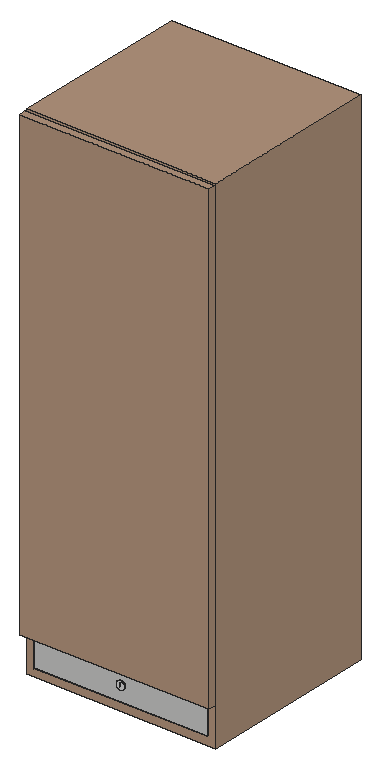
Revit family "Storage-Mounted-Teknion-BRLL_Full_Solid_Door_Tower_Low_Secondary_Desk-R2018", category Furniture, Revit 2018
Family settings
  OmniClass Number = 23.40.70.14.64.21
  OmniClass Title = Systems Furniture
  Work Plane-Based = No
  Always vertical = Yes
  Cut with Voids When Loaded = No
  Shared = Yes
  Room Calculation Point = No
Parameters (values of type "File Drawer and Shelves, 18"d x 18"w, 66"h")
  Width = 17.910"
  Warranty = "http://www.teknion.com/legal/warranty.pdf"
  Unit Weight URL = "http://www.teknion.com/pricing/expansion-casegoods/pdfs/wv.pdf"
  URL = "http://www.teknion.com/"
  Sustainability Data = "http://www.teknion.com/about-teknion/environment/datasheets.asp"
  Series = "Expansion Casegoods"  # constant formula
  Product Page URL = "http://www.teknion.com/products/casegoods_expansion/"
  Product Line = "Expansion Casegoods"  # constant formula
  Product Documentation Link = "http://www.teknion.com/pricing/expansion-casegoods/pdfs/BRLL_ppg.pdf"
  Part Number = "BRLL"  # constant formula
  Model = "BRLLF181866_"
  Manufacturer Phone = "416-661-3370"
  Manufacturer Fax = "416.661.4586"
  Manufacturer Contact Information = "http://www.teknion.com/contact/contactus.asp"
  Manufacturer Address = "1150 Flint Road, Toronto, ON. M3J 2J5. Canada"
  Manufacturer = "Teknion"  # constant formula
  Height = 65.340"
  Has Wardrobe = no
  Has Shelves = not(or(Has File Drawer and Shelves, Has Wardrobe))  # no
  Has Multi-Functional Drawer [instance] = yes
  Has File Drawer and Shelves = yes
  Door Front Finish [instance] = Source Laminate - Teknion - 3M - Provincial Oak
  Description = "Tower with Full Solid Door - Low Secondary Desk Mounted, File Drawer and Shelves, 18\" Depth, 18\" Width, 66\" Height"
  Depth = 17.910"
  Case Finish [instance] = Source Laminate - Teknion - 3M - Provincial Oak
  Assembly Code = "E2020200"
Types (6): name | Model | Height | Has Wardrobe | Has Shelves | Has File Drawer and Shelves | Description
  File Drawer and Shelves, 18"d x 18"w, 72"h | "BRLLF181872" | 71.582" | no | no | yes | "Tower with Full Solid Door - Low Secondary Desk Mounted, File Drawer and Shelves, 18\" Depth, 18\" Width, 72\" Height"
  File Drawer and Shelves, 18"d x 18"w, 66"h | "BRLLF181866_" | 65.340" | no | no | yes | "Tower with Full Solid Door - Low Secondary Desk Mounted, File Drawer and Shelves, 18\" Depth, 18\" Width, 66\" Height"
  Shelves, 18"d x 18"w, 72"h | "BRLLS181872" | 71.582" | no | yes | no | "Tower with Full Solid Door - Low Secondary Desk Mounted, Shelves, 18\" Depth, 18\" Width, 72\" Height"
  Shelves, 18"d x 18"w, 66"h | "BRLLS181866_" | 65.340" | no | yes | no | "Tower with Full Solid Door - Low Secondary Desk Mounted, Shelves, 18\" Depth, 18\" Width, 66\" Height"
  Wardrobe, 18"d x 18"w, 72"h | "BRLLW181872" | 71.582" | yes | no | no | "Tower with Full Solid Door - Low Secondary Desk Mounted, Wardrobe, 18\" Depth, 18\" Width, 72\" Height"
  Wardrobe, 18"d x 18"w, 66"h | "BRLLW181866_" | 65.340" | yes | no | no | "Tower with Full Solid Door - Low Secondary Desk Mounted, Wardrobe, 18\" Depth, 18\" Width, 66\" Height"
Reference planes (in)
  plane 1 "Center F/B": y = 0
  plane 2: z = 0
  plane 3 "Center L/R": x = 0
  plane 4 "Left": x = -8.955
  plane 5 "Right": x = 8.955
  plane 6 "Back": y = 8.955
  plane 7 "Front": y = -8.955
  plane 8 "Top": z = 65.34
  plane 9: y = -8.955
  plane 10 "Bottom of Pedestal": z = 17.42526
  plane 11: z = 41.38263
Forms (in)
  Sweep 1, solid, material "Source Laminate - Teknion - 3M - Provincial Oak" <- "Door Front Finish"
    path origin (0, -17.21, 0) x (0, -1, 0) y (-1, 0, 0)
      loop
        line (-8.865, 0) -> (-8.255, 0)
    profile origin (0, -8.65, 0) x (1, 0, 0) y (0, 0, 1)
      loop
        line (-8.955, 65.22189) -> (-8.955, 21.09849) -> (8.955, 21.09849) -> (8.955, 65.22189) -> (-8.955, 65.22189)
  Sweep 2, solid, material "Source Laminate - Teknion - 3M - Provincial Oak" <- "Case Finish"
    path origin (0, 0, 0) x (1, 0, 0) y (0, 0, 1)
      loop
        line (0, 17.42526) -> (0, 65.34)
    profile origin (0, 0, 41.38263) x (-1, 0, 0) y (0, -1, 0)
      loop
        line (8.955, -8.955) -> (8.955, 8.20642) -> (-8.955, 8.20642) -> (-8.955, -8.955) -> (8.955, -8.955)
  Sweep 3, void
    path origin (0, 0, 0) x (1, 0, 0) y (0, 1, 0)
      loop
        line (0, -8.955) -> (0, 8.955)
    profile origin (0, 0, 0) x (-1, 0, 0) y (0, 0, 1)
      loop
        line (8.25421, 18.12605) -> (8.25421, 21.05518) -> (-8.25421, 21.05518) -> (-8.25421, 18.12605) -> (8.25421, 18.12605)
Cuts and joins
  Sweep 3 cuts Sweep 2
Lines and regions (in)
  Masking region 1
    outline origin (0, 0, 65.34) x (-1, 0, 0) y (0, -1, 0)
      loop
        line (8.955, -8.955) -> (8.955, 8.955) -> (-8.955, 8.955) -> (-8.955, -8.955) -> (8.955, -8.955)
  symbolic lines
    curve 1: line (-8.955, -8.345, 0) -> (8.955, -8.345, 0)
  symbolic lines, style "Hidden Lines"
    curve 2: line (8.955, -8.955, 41.38263) -> (-8.955, -8.955, 65.22189)
    curve 3: line (8.955, -8.955, 41.38263) -> (-8.955, -8.955, 21.09849)
  symbolic lines, style "FurnitureHiddenLines", detail levels medium+fine
    curve 4: line (-8.25421, 8.19854, 0) -> (-8.25421, -8.345, 0)
    curve 5: line (8.25421, 8.19854, 0) -> (-8.25421, 8.19854, 0)
    curve 6: line (8.25421, -8.345, 0) -> (8.25421, 8.19854, 0)
Dimensions and locks (in)
  equal spacing: plane 4 "Left", plane 3 "Center L/R", plane 5 "Right"
  "Width": plane 4 "Left" to plane 5 "Right"
  equal spacing: plane 6 "Back", plane 1 "Center F/B", plane 7 "Front"
  "Depth": plane 6 "Back" to plane 7 "Front"
  plane 9 to plane 7 "Front" = 0.000"
  locked: plane 10 "Bottom of Pedestal" to level at 17.42526
  locked: plane 8 "Top" to Sweep 1 sketch curve at 0.11811
  Sweep 3 sketch curve to Sweep 3 sketch curve to plane 10 "Bottom of Pedestal" = 2.92913" locked, 0.70079" locked
  "Height": plane 8 "Top" to plane 2
  locked: Sweep 1 sketch curve to plane 10 "Bottom of Pedestal" at 3.67323
  equal spacing: plane 8 "Top", plane 11, plane 10 "Bottom of Pedestal"
  locked: plane 4 "Left" to curve 4 at 0.70079
  locked: curve 6 to plane 5 "Right" at 0.70079
  locked: plane 6 "Back" to curve 5 at 0.75646
  aligned and locked: level to plane 2
  aligned and locked: Masking region 1 sketch curve to plane 5 "Right"
  aligned and locked: plane 4 "Left" to Masking region 1 sketch curve
  aligned and locked: Masking region 1 sketch curve to plane 6 "Back"
  aligned and locked: Masking region 1 sketch curve to plane 7 "Front"
  aligned and locked: plane 8 "Top" to Sweep 2 sketch curve
  aligned and locked: plane 3 "Center L/R" to Sweep 2 sketch curve
  aligned and locked: Sweep 2 sketch curve to plane 6 "Back"
  aligned and locked: plane 4 "Left" to Sweep 2 sketch curve
  aligned and locked: Sweep 2 sketch curve to plane 5 "Right"
  aligned and locked: plane 10 "Bottom of Pedestal" to Sweep 2 sketch curve
  aligned and locked: plane 7 "Front" to Sweep 3 sketch curve
  aligned and locked: plane 3 "Center L/R" to Sweep 3 sketch curve
  aligned and locked: plane 6 "Back" to Sweep 3 sketch curve
  aligned and locked: curve 1 to Sweep 1
  aligned and locked: plane 4 "Left" to curve 1
  aligned and locked: plane 5 "Right" to curve 1
  aligned and locked: plane 7 "Front" to nested 2
  aligned and locked: nested 2 to plane 5 "Right"  (x2)
  aligned and locked: curve 2 to Sweep 1
  aligned and locked: Sweep 1 to curve 2
  aligned and locked: Sweep 1 to curve 3
  aligned and locked: curve 3 to Sweep 1
  aligned and locked: plane 11 to curve 3
  aligned and locked: plane 5 "Right" to curve 3
  aligned and locked: plane 3 "Center L/R" to nested 1
  aligned and locked: nested 2 to plane 4 "Left"
  aligned and locked: cut or joined group of Sweep 2, Sweep 3 to nested 1  (x2)
Automatic sketch dimensions
  profile plane to Sweep 1 sketch curve = 8.955"
  Sweep 1 sketch curve to profile plane = 8.955"
  Sweep 1 sketch curve to plane 3 "Center L/R" = 0.000"
  plane 7 "Front" to Sweep 1 sketch curve = 0.610"
  Sweep 1 sketch curve to plane 7 "Front" = 0.000"
  plane 1 "Center F/B" to Sweep 2 sketch curve = 8.20642"
  profile plane to Sweep 3 sketch curve = 8.25421"
  Sweep 3 sketch curve to profile plane = 8.25421"
Nested families (in)
  nested 1: "Desk_Accessories-Teknion-BADMF_Multi_Functional_Drawer-R2018" at (0, 0.61445, -6.56691), visible <- "Has Multi-Functional Drawer", type "17"d x 17"w x 03"h"
  nested 2: "Door-Swing_Symbol-Teknion-2D" at (0, -8.955, 0), type "Door-Swing_Symbol-Teknion-2D"
    with Swing Width 17.910", Door Thickness 0.625"
Definition of nested family "Desk_Accessories-Teknion-BADMF_Multi_Functional_Drawer-R2018"
  Parameters (values of type "17"d x 17"w x 03"h")
    Warranty = "http://www.teknion.com/ca/papers/legal-canada"
    Unit Weight URL = "http://www.teknion.com/ca/tools/assets#&asset=bee6a381-b954-425e-8283-5a2de3a804f2,f828d448-4b62-4231-9e5f-9a8991c0ed77"
    URL = "www.teknion.com"
    Sustainability Data = "http://www.teknion.com/ca/tools/assets#&topic=216f99a5-57a0-44fc-b10a-9dee9b29ae4c&asset=444deb64-fe58-4b68-981e-f75e97781df7"
    Series = "Expansion Casegoods"  # constant formula
    Product Page URL = "http://www.teknion.com/ca/products/product-details?productlineid=0053336e-8e7a-673b-a6c8-ff00004460c4"
    Product Line = "Expansion Casegoods"  # constant formula
    Product Documentation Link = "http://www.teknion.com/pricing/expansion-casegoods/pdfs/BADMF_ppg.pdf"
    Part Number = "BADMF"
    Model = "BADMF171703"
    Manufacturer Phone = "416-661-3370"  # constant formula
    Manufacturer Fax = "416.661.4586"  # constant formula
    Manufacturer Contact Information = "http://www.teknion.com/ca/contactus"
    Manufacturer Address = "1150 Flint Road, Toronto, ON. M3J 2J5. Canada"  # constant formula
    Manufacturer = "Teknion"  # constant formula
    Description = "Multi-Functional Drawer, 17\" Depth, 17\" Width, 3\" Height"
    Assembly Code = "E2020200"
  Reference planes (in)
    plane 1 "Center Front/Back": y = 0
    plane 2: z = 0
    plane 3 "Center Left/Right": x = 0
    plane 4 "Left": x = -8.22835
    plane 5 "Right": x = 8.22835
    plane 6 "Back": y = 8.34055
    plane 7 "Front": y = -8.81299
    plane 8 "Top": z = 27.62209
    plane 9: y = -8.69488
    plane 10: y = -8.34055
    plane 11: z = 27.18114
    plane 12: z = 24.80713
    plane 13: z = 27.56303
  Forms (in)
    Extrusion 1, solid
      sketch origin (0, 0, 0) x (1, 0, 0) y (0, 1, 0)
        loop
          line (-8.22835, 8.34055) -> (-8.22835, -8.34055) -> (8.22835, -8.34055) -> (8.22835, 8.34055) -> (-8.22835, 8.34055)
      from 24.80713 to 27.18114
    Extrusion 2, solid
      sketch origin (-52.89849, -180, 27.80709) x (-1, 0, 0) y (0, -1, 0)
        loop
          line (-45.73314, -186.05272) -> (-45.73314, -184.08421) -> (-46.59928, -184.08421) -> (-46.59928, -186.05272) -> (-45.73314, -186.05272)
      from -0.185 to -0.62594
    Extrusion 3, solid
      sketch origin (-39.43392, -180, 27.80709) x (-1, 0, 0) y (0, -1, 0)
        loop
          line (-45.73314, -186.05272) -> (-45.73314, -184.08421) -> (-46.59928, -184.08421) -> (-46.59928, -186.05272) -> (-45.73314, -186.05272)
      from -0.185 to -0.62594
    Extrusion 4, solid
      sketch origin (-52.89849, -192.42476, 27.80709) x (-1, 0, 0) y (0, -1, 0)
        loop
          line (-45.73314, -186.05272) -> (-45.73314, -184.08421) -> (-46.59928, -184.08421) -> (-46.59928, -186.05272) -> (-45.73314, -186.05272)
      from -0.185 to -0.62594
    Extrusion 5, solid
      sketch origin (-39.43392, -192.42476, 27.80709) x (-1, 0, 0) y (0, -1, 0)
        loop
          line (-45.73314, -186.05272) -> (-45.73314, -184.08421) -> (-46.59928, -184.08421) -> (-46.59928, -186.05272) -> (-45.73314, -186.05272)
      from -0.185 to -0.62594
    Extrusion 6, solid
      sketch origin (-52.89849, -180, 27.62209) x (-1, 0, 0) y (0, -1, 0)
        loop
          line (-44.70361, -171.30512) -> (-44.70361, -171.18701) -> (-61.09337, -171.18701) -> (-61.09337, -171.30512) -> (-44.70361, -171.30512)
      from -0.05906 to -2.81496
    Extrusion 7, solid
      sketch origin (-64.19161, -8.81299, 48) x (-1, 0, 0) y (0, 0, -1)
        loop
          circle (-64.19161, 21.78917) r 0.3963
        loop
          line (-64.24082, 21.59839) -> (-64.14239, 21.59839) -> (-64.14239, 21.9724) -> (-64.24082, 21.9724) -> (-64.24082, 21.59839)
      from 0 to 0.05906
    Extrusion 8, solid
      sketch origin (-8.19488, -8.69488, 48) x (-1, 0, 0) y (0, 0, 1)
        loop
          line (-0.90157, -20.96846) -> (-15.48819, -20.96846) -> (-15.48819, -22.74362) -> (-0.90157, -22.74362) -> (-0.90157, -20.96846)
      from 0 to 0.35433
  Lines and regions (in)
    Masking region 1
      outline origin (-52.89849, -180, 27.62209) x (-1, 0, 0) y (0, -1, 0)
        loop
          line (-44.67014, -188.34055) -> (-44.67014, -171.65945) -> (-61.12684, -171.65945) -> (-61.12684, -188.34055) -> (-44.67014, -188.34055)
    Masking region 2
      outline origin (-52.89849, -180, 27.62209) x (-1, 0, 0) y (0, -1, 0)
        loop
          line (-45.60518, -171.65945) -> (-45.60518, -171.30512) -> (-60.1918, -171.30512) -> (-60.1918, -171.65945) -> (-45.60518, -171.65945)
    Masking region 3
      outline origin (-52.89849, -180, 27.62209) x (-1, 0, 0) y (0, -1, 0)
        loop
          line (-61.09337, -171.30512) -> (-44.70361, -171.30512) -> (-44.70361, -171.18701) -> (-61.09337, -171.18701) -> (-61.09337, -171.30512)
    Masking region 4
      outline origin (-52.89849, -180, 27.62209) x (-1, 0, 0) y (0, -1, 0)
        loop
          line (-52.50219, -171.12795) -> (-53.29479, -171.12795) -> (-53.29479, -171.18701) -> (-52.50219, -171.18701) -> (-52.50219, -171.12795)
    symbolic lines, detail levels medium+fine
      curve 1: line (-6.29921, 6.05272, 27.62209) -> (-7.16535, 6.05272, 27.62209)
      curve 2: line (-7.16535, 6.05272, 27.62209) -> (-7.16535, 4.08421, 27.62209)
      curve 3: line (-7.16535, 4.08421, 27.62209) -> (-6.29921, 4.08421, 27.62209)
      curve 4: line (-6.29921, 4.08421, 27.62209) -> (-6.29921, 6.05272, 27.62209)
      curve 5: line (6.29921, 6.05272, 27.62209) -> (6.29921, 4.08421, 27.62209)
      curve 6: line (6.29921, 4.08421, 27.62209) -> (7.16535, 4.08421, 27.62209)
      curve 7: line (7.16535, 4.08421, 27.62209) -> (7.16535, 6.05272, 27.62209)
      curve 8: line (7.16535, 6.05272, 27.62209) -> (6.29921, 6.05272, 27.62209)
      curve 9: line (-6.29921, -8.34055, 27.62209) -> (-6.29921, -6.37205, 27.62209)
      curve 10: line (-6.29921, -6.37205, 27.62209) -> (-7.16535, -6.37205, 27.62209)
      curve 11: line (-7.16535, -6.37205, 27.62209) -> (-7.16535, -8.34055, 27.62209)
      curve 12: line (-7.16535, -8.34055, 27.62209) -> (-6.29921, -8.34055, 27.62209)
      curve 13: line (6.29921, -6.37205, 27.62209) -> (6.29921, -8.34055, 27.62209)
      curve 14: line (6.29921, -8.34055, 27.62209) -> (7.16535, -8.34055, 27.62209)
      curve 15: line (7.16535, -8.34055, 27.62209) -> (7.16535, -6.37205, 27.62209)
      curve 16: line (7.16535, -6.37205, 27.62209) -> (6.29921, -6.37205, 27.62209)
  Dimensions and locks (in)
    locked: plane 4 "Left" to plane 5 "Right" at 16.45669
    locked: plane 6 "Back" to plane 7 "Front" at 17.15354
    locked: plane 8 "Top" to level at 27.62209
    locked: plane 7 "Front" to plane 9 at 0.11811
    locked: plane 10 to plane 9 at 0.35433
    locked: plane 8 "Top" to plane 11 at 0.44094
    locked: plane 11 to plane 12 at 2.37402
    locked: plane 8 "Top" to plane 13 at 0.05906
    plane 6 "Back" to Extrusion 2 sketch curve to Extrusion 2 sketch curve = 2.28783" locked, 1.9685" locked
    plane 4 "Left" to Extrusion 2 sketch curve to Extrusion 2 sketch curve = 1.06299" locked, 0.86614" locked
    plane 6 "Back" to Extrusion 3 sketch curve to Extrusion 3 sketch curve = 2.28783" locked, 1.9685" locked
    Extrusion 3 sketch curve to Extrusion 3 sketch curve to plane 5 "Right" = 0.86614" locked, 1.06299" locked
    Extrusion 4 sketch curve to Extrusion 4 sketch curve to plane 10 = 1.9685" locked, 0.000" locked
    plane 4 "Left" to Extrusion 4 sketch curve to Extrusion 4 sketch curve = 1.06299" locked, 0.86614" locked
    Extrusion 5 sketch curve to Extrusion 5 sketch curve to plane 10 = 1.9685" locked, 0.000" locked
    Extrusion 5 sketch curve to Extrusion 5 sketch curve to plane 5 "Right" = 0.86614" locked, 1.06299" locked
    locked: Extrusion 6 sketch curve to plane 5 "Right" at 0.03346
    locked: plane 4 "Left" to Extrusion 6 sketch curve at 0.03346
    locked: Extrusion 7 sketch curve to plane 3 "Center Left/Right" at 0
    locked: plane 8 "Top" to Extrusion 7 sketch curve at 1.41125
    plane 8 "Top" to Extrusion 7 sketch curve to Extrusion 7 sketch curve = 1.22047" locked, 0.37402" locked
    Extrusion 7 sketch curve to plane 3 "Center Left/Right" to Extrusion 7 sketch curve = 0.04921" locked, 0.04921" locked
    locked: Extrusion 7 to plane 7 "Front" at 0.05906
    plane 8 "Top" to Extrusion 8 sketch curve to Extrusion 8 sketch curve = 0.59055" locked, 1.77516" locked
    Extrusion 8 sketch curve to plane 3 "Center Left/Right" to Extrusion 8 sketch curve = 7.29331" locked, 7.29331" locked
    Masking region 4 sketch curve to plane 3 "Center Left/Right" to Masking region 4 sketch curve = 0.3963" locked, 0.3963" locked
    plane 4 "Left" to plane 3 "Center Left/Right" to plane 5 "Right" = 8.22835" locked, 8.22835" locked
    plane 6 "Back" to plane 1 "Center Front/Back" to plane 10 = 8.34055" locked, 8.34055" locked
    aligned and locked: level to plane 2
    aligned and locked: Extrusion 1 to plane 11
    aligned and locked: Extrusion 1 to plane 12
    aligned and locked: Extrusion 2 to plane 8 "Top"
    aligned and locked: plane 11 to Extrusion 2
    aligned and locked: plane 8 "Top" to Extrusion 4
    aligned and locked: Extrusion 4 to plane 8 "Top"
    aligned and locked: plane 8 "Top" to Extrusion 5
    aligned and locked: plane 8 "Top" to Extrusion 3
    aligned and locked: plane 11 to Extrusion 5
    aligned and locked: plane 11 to Extrusion 3
    aligned and locked: plane 11 to Extrusion 4
    aligned and locked: Extrusion 4 to plane 11
    aligned and locked: plane 12 to Extrusion 6
    aligned and locked: Extrusion 7 to plane 7 "Front"
    aligned and locked: Extrusion 8 to plane 9
    aligned and locked: plane 10 to Extrusion 8
    aligned and locked: Extrusion 1 to plane 4 "Left"
    aligned and locked: Extrusion 1 to plane 6 "Back"
    aligned and locked: Extrusion 1 to plane 5 "Right"
    aligned and locked: Extrusion 1 to plane 10
    aligned and locked: Extrusion 6 to plane 13
Definition of nested family "Door-Swing_Symbol-Teknion-2D"
  Parameters (values of type "Standard")
    Swing Width [instance] = 26.000"
    Door Thickness [instance] = 2.000"
    Assembly Code = ""
  Reference planes (in)
    plane 1 "Center (Front/Back)": y = 0
    plane 2: z = 0
    plane 3 "Center (Left/Right)": x = 0
    plane 4: x = -13
    plane 5: x = 13
  Lines and regions (in)
    Masking region 1, in view "Ref. Level"
      outline origin (0, 0, 0) x (1, 0, 0) y (0, 1, 0)
        loop
          line (11, 0) -> (11, -26) -> (13, -26) -> (13, 0) -> (11, 0)
    detail lines, in view "Ref. Level"
      curve 1: line (13, 0, 0) -> (13, -26, 0)
      curve 2: arc (-13, 0, 0) -> (-5.38478, -18.38478, 0) -> (13, -26, 0) r 26
  Dimensions and locks (in)
    equal spacing: plane 4, plane 3 "Center (Left/Right)", plane 5
    "Swing Width": plane 4 to plane 5
    "Swing Width": curve 1 to plane 1 "Center (Front/Back)"
    "Swing Width": Masking region 1 sketch curve to Masking region 1 sketch curve
    "Door Thickness": Masking region 1 sketch curve to Masking region 1 sketch curve
    "Swing Width": radius of curve 2
    aligned and locked: plane 1 "Center (Front/Back)" to curve 1
    aligned and locked: plane 1 "Center (Front/Back)" to Masking region 1 sketch curve
    aligned and locked: Masking region 1 sketch curve to plane 5
  Automatic sketch dimensions
    curve 2 to plane 4 = 0.000"
